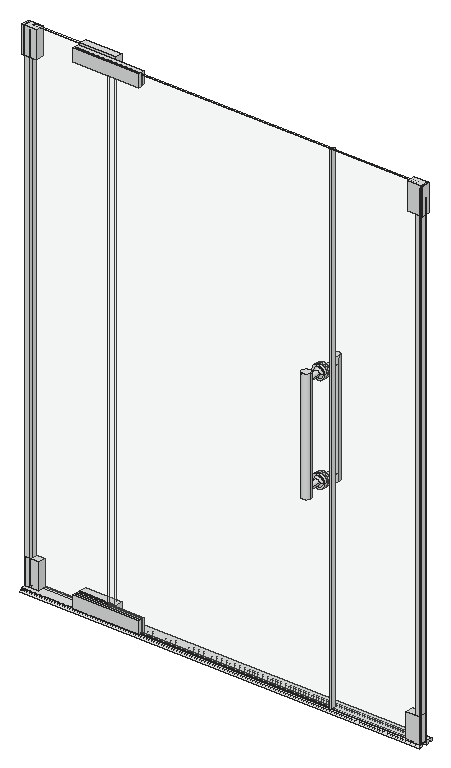
Revit family "Shower-Shower_Door-KOHLER-Purist-K-705705", category Generic Models, host Face, Revit 2015
Parameters (values of type "SHP-Bright Polished Silver")
  Width = 2 9/16"  # constant formula
  Waste Water Outlet = "Waste Water Outlet"  # constant formula
  URL = "https://www.us.kohler.com/us/"
  Type = 1
  Product Page URL = "http://www.us.kohler.com/us/catalog/productDetails.jsp?productNumber=705705-L"
  Product Name = "Purist"  # constant formula
  Product Documentation Link = "http://www.us.kohler.com/onlinecatalog/pdf/K-705705-L_spec.pdf"
  Panel Thickness = 0"
  Model = if(Type = 1, "K-705705-L-SHP", if(Type = 2, "K-705705-L-NX", if(Type = 3, "K-705705-L-ABV", "0")))  # "K-705705-L-SHP"
  Material = "Anodized aluminum prevents rusting or corrosion and Tempered glass ensures maximum safety and durability "  # constant formula
  MasterFormat 2004 = "22.41.23"  # constant formula
  MasterFormat 1995 = "15410"  # constant formula
  Manufacturer Address = "444 Highland Dr, Kohler, WI 53044"  # constant formula
  Manufacturer = "KOHLER Co."  # constant formula
  Length = 57 1/4"
  Hot Water Inlet = "Hot Water Inlet"  # constant formula
  Height = 72 1/4"  # constant formula
  Finish = Kohler-Metal-SHP-Bright_Polished_Silver
  Environmental Product Declaration = ""
  Description = "Pivot shower door, 72-1/4 inch H x 57-1/4 inch to 59 3/4 inch W, with 3/8 inch thick Crystal Clear glass"  # constant formula
  Default Elevation = 0"
  Declare Label = ""
  Date Modified = "01/30/2018"  # constant formula
  Date Created = "01/30/2018"  # constant formula
  Copyright = "Copyright KOHLER Co."  # constant formula
  Contact Us = "https://www.us.kohler.com/us/static/contact.jsp"
  Cold Water Inlet = "Cold Water Inlet"  # constant formula
  Assembly Code = "D2010700"
  ADA = no
Types (4): name | Type | Model | Finish
  (no name) | 1 | "K-705705-L-SHP" | Kohler-Metal-SHP-Bright_Polished_Silver
  SHP-Bright Polished Silver | 1 | "K-705705-L-SHP" | Kohler-Metal-SHP-Bright_Polished_Silver
  NX-Brushed Nickel | 2 | "K-705705-L-NX" | Kohler-Metal-NX-Brushed_Nickel
  ABV-Anodized Brushed Bronze | 3 | "K-705705-L-ABV" | Kohler-Metal-ABV-Anodized_Brushed_Bronze
Reference planes (in)
  plane 1 "Center (Front/Back)": y = 0
  plane 2: z = 0
  plane 3 "Center (Left/Right)": x = 0
  plane 4: y = -2.5625
  plane 5: z = 72.25
  plane 6: x = -28.625
  plane 7: x = 28.625
  plane 8: x = -15.8125
Dimensions and locks (in)
  "Height": plane 5 to level
  equal spacing: plane 6, plane 3 "Center (Left/Right)", plane 7
  plane 6 to plane 8 = 12 13/16"  (x2)
  "Length": plane 6 to plane 7
  "Width": plane 4 to plane 1 "Center (Front/Back)"
  aligned and locked: plane 2 to host face
  aligned and locked: level to host face
  aligned and locked: plane 7 to nested 1
  aligned and locked: plane 6 to nested 1
  aligned and locked: nested 1 to plane 8
Automatic sketch dimensions
  host sketch curve to host sketch curve = 96"  (x2)
Nested families (in)
  nested 1: "K-705705-L" at (0, 0, 0.58434), type "K-705705-L"
    with Width 57 1/4", Frame Height 71 3/4"
Definition of nested family "K-705705-L"
  Parameters (values of type "K-705705-L")
    Width [instance] = 56"
    Frame Height [instance] = 71 3/4"
    Finish = none
  Reference planes (in)
    plane 1 "Center (Front/Back)": y = 0
    plane 2: z = 0
    plane 3 "Center (Left/Right)": x = 0
    plane 4: z = 71.90637
    plane 5 "Right": x = 28
    plane 6 "Left": x = -28
    plane 7: x = -15.1875
    plane 8: x = -15.6054
    plane 9: x = 15.1875
    plane 10: x = -27.375
    plane 11: x = 27.375
    plane 12: x = 14.1875
    plane 13: x = 15.3125
    plane 14: x = 15.0625
  Forms (in)
    Extrusion 1, solid, material <- "Finish"
      sketch origin (0, -0.125, 0) x (1, 0, 0) y (0, 1, 0)
        loop
          line (-28, 0.03504) -> (-28, -1.07675) -> (-26.1, -1.07675) -> (-26.1, 0.03504) -> (-28, 0.03504)
      from -0.10677 to 3.52437
    Sweep 2, solid, material <- "Finish"
      path origin (0, 0, -0.58238) x (0, -1, 0) y (1, 0, 0)
        loop
          line (0, 28) -> (0, -28)
      profile origin (0, 0, -0.58238) x (0, -1, 0) y (0, 0, 1)
        loop
          arc (0, 0.09546) -> (0.0272, 0.06827) -> (0.0544, 0.09546) r 0.0272
          line (0.0544, 0.09546) -> (0.0544, 0.21046) -> (0.40441, 0.21046) -> (0.40441, 0.12546)
          arc (0.40441, 0.12546) -> (0.42708, 0.10279) -> (0.44976, 0.12546) r 0.02267
          line (0.44976, 0.12546) -> (0.44976, 0.25565) -> (0.0544, 0.25565) -> (0.0544, 0.4221) -> (0.63833, 0.4221) -> (0.63833, 0) -> (0.87661, 0) -> (0.87661, 0.42046) -> (1.64157, 0.42046)
          arc (1.64157, 0.42046) -> (1.65783, 0.41373) -> (1.66456, 0.39748) r 0.02299
          line (1.66456, 0.39748) -> (1.66456, 0.15113)
          arc (1.66456, 0.15113) -> (1.67501, 0.12591) -> (1.70023, 0.11546) r 0.03567
          line (1.70023, 0.11546) -> (1.83008, 0.11546)
          arc (1.83008, 0.11546) -> (1.84739, 0.12264) -> (1.85456, 0.13995) r 0.02449
          line (1.85456, 0.13995) -> (1.85456, 0.32183)
          arc (1.85456, 0.32183) -> (1.87016, 0.3437) -> (1.89592, 0.33607) r 0.02313
          line (1.89592, 0.33607) -> (2.09953, 0.07546) -> (2.1557, 0.07546) -> (1.85417, 0.47561) -> (0, 0.47561) -> (0, 0.09546)
    Extrusion 3, solid
      sketch origin (-19.45473, -0.68861, -0.062) x (0, 0, 1) y (0, 1, 0)
        loop
          line (71.83639, 0.062) -> (71.83639, 0.381) -> (-0.04477, 0.381) -> (-0.04477, 0.062) -> (71.83639, 0.062)
      from -3.84933 to 7.92027
    Extrusion 4, solid, material <- "Finish"
      sketch origin (0, -1.07896, 0) x (-1, 0, 0) y (0, -1, 0)
        loop
          line (-28, -0.03504) -> (-26.1, -0.03504) -> (-26.1, 1.07675) -> (-28, 1.07675) -> (-28, -0.03504)
      from -0.10677 to 3.52437
    Extrusion 5, solid
      sketch origin (-11.69343, -1.9145, -0.062) x (0, 0, 1) y (0, 1, 0)
        loop
          line (71.83639, 0.062) -> (71.83639, 0.381) -> (0.062, 0.381) -> (0.062, 0.062) -> (71.83639, 0.062)
      from -26.75593 to 3.91197
    Extrusion 6, solid
      sketch origin (19.45473, -1.9575, -0.062) x (0, 0, 1) y (0, -1, 0)
        loop
          line (71.83639, -0.062) -> (-0.04477, -0.062) -> (-0.04477, -0.381) -> (71.83639, -0.381) -> (71.83639, -0.062)
      from -4.14223 to 7.92027
  Lines and regions (in)
    Masking region 1
      outline origin (0, 0, 0) x (0, 1, 0) y (0, 0, 1)
        loop
          line (-2.56877, 71.90637) -> (-2.56877, 42.98795) -> (-3.66598, 42.98795) -> (-3.66598, 43.62346) -> (-4.87742, 43.62346) -> (-4.87742, 27.59121) -> (-3.66598, 27.59121) -> (-3.66598, 28.27122) -> (-2.56877, 28.27122) -> (-2.56877, -0.5857) -> (-0.0075, -0.5857) -> (-0.0075, 28.27122) -> (0.24471, 28.27122) -> (0.24471, 27.59121) -> (1.45615, 27.59121) -> (1.45615, 43.62346) -> (0.24471, 43.62346) -> (0.24471, 42.97701) -> (-0.0075, 42.97701) -> (-0.0075, 67.59076) -> (0.06818, 67.59076) -> (0.06818, 71.90637) -> (-2.56877, 71.90637)
        loop
          line (-3.66598, 28.99443) -> (-2.56877, 28.99443) -> (-2.56877, 42.25381) -> (-3.66598, 42.25381) -> (-3.66598, 28.99443)
    Masking region 2
      outline origin (0, 0, 0) x (1, 0, 0) y (0, 0, 1)
        loop
          line (-28, 71.66762) -> (-28, -0.58238) -> (28, -0.58238) -> (28, 71.66762) -> (-28, 71.66762)
    Masking region 3
      outline origin (0, 0, 0) x (1, 0, 0) y (0, 1, 0)
        loop
          line (-28, 0) -> (-28, -2.1557) -> (13.60328, -2.1557)
          arc (13.60328, -2.1557) -> (13.71103, -2.25272) -> (13.75099, -2.39209) r 0.26301
          line (13.75099, -2.39209) -> (13.75099, -3.78826)
          arc (13.75099, -3.78826) -> (13.57236, -4.00202) -> (13.5083, -4.27313) r 0.60572
          arc (13.5083, -4.27313) -> (14.11402, -4.87885) -> (14.71974, -4.27313) r 0.60572
          arc (14.71974, -4.27313) -> (14.6596, -4.01001) -> (14.49114, -3.79913) r 0.60572
          line (14.49114, -3.79913) -> (14.49114, -2.39209)
          arc (14.49114, -2.39209) -> (14.53663, -2.2478) -> (14.65666, -2.1557) r 0.25156
          line (14.65666, -2.1557) -> (28, -2.1557) -> (28, 0) -> (14.48534, 0) -> (14.48534, 0.37044)
          arc (14.48534, 0.37044) -> (14.65799, 0.58256) -> (14.71974, 0.84899) r 0.60572
          arc (14.71974, 0.84899) -> (14.11402, 1.45471) -> (13.5083, 0.84899) r 0.60572
          arc (13.5083, 0.84899) -> (13.57495, 0.57277) -> (13.76024, 0.35733) r 0.60572
          line (13.76024, 0.35733) -> (13.76024, 0) -> (-28, 0)
    symbolic lines, detail levels medium+fine
      curve 1: line (0, -1.0075, 67.59076) -> (0, -1.0075, 42.98247)
      curve 2: line (0, -1.45114, 0) -> (0, -1.45114, 71.90637)
      curve 3: line (0, -1.0075, 67.59076) -> (0, -1.04937, 67.59076)
      curve 4: line (0, -1.04937, 67.59076) -> (0, -1.04937, 71.90637)
      curve 5: line (0, -1.0075, 67.59076) -> (0, -0.6865, 67.59076)
      curve 6: line (0, -0.6865, 67.59076) -> (0, 0.06818, 67.59076)
      curve 7: line (0, -3.66598, 42.98795) -> (0, -3.66598, 42.25381)
      curve 8: line (0, -3.66598, 28.99443) -> (0, -3.66598, 28.22672)
      curve 9: line (0, -0.0075, 3.52437) -> (0, -1.45114, 3.52437)
      curve 10: line (0, -0.2665, 3.52437) -> (0, -0.2665, 28.27122)
      curve 11: line (0, -0.6865, 67.59076) -> (0, -0.6865, 42.97701)
      curve 21: line (0, -1.0075, 28.2657) -> (0, -1.0075, 3.52437)
      curve 22: line (0, -0.6865, 28.27122) -> (0, -0.6865, 3.52437)
      curve 23: line (0, -0.2665, 28.99443) -> (0, -0.2665, 42.25381)
      curve 32: line (0, -0.6865, 42.25381) -> (0, -0.6865, 28.99443)
      curve 33: line (0, -1.0075, 42.24829) -> (0, -1.0075, 28.99989)
      curve 34: line (0, -0.2665, 42.97701) -> (0, -0.2665, 67.59076)
      curve 35: line (0, -0.0075, 42.25381) -> (0, -0.0075, 28.99443)
      curve 52: line (0, -1.8525, 71.90637) -> (0, -1.8525, 0)
      curve 57: line (0, -2.56877, 0) -> (0, -0.0075, 0)
      curve 58: line (-26.335, 0, 67.93439) -> (-26.335, 0, 71.77439)
      curve 59: line (-26.335, 0, 67.93439) -> (-28, 0, 67.93439)
      curve 60: line (-27.375, 0, 67.93439) -> (-27.375, 0, 3.52437)
      curve 61: line (-28, 0, 3.52437) -> (-26.1, 0, 3.52437)
      curve 62: line (-26.1, 0, 3.52437) -> (-26.1, 0, -0.58238)
      curve 63: line (-20.3575, 0, -0.10677) -> (-20.3575, 0, 1.7966)
      curve 64: line (-20.3575, 0, 1.7966) -> (-10.93233, 0, 1.7966)
      curve 65: line (-10.93233, 0, 1.7966) -> (-10.93233, 0, -0.0234)
      curve 66: line (-28, 0, 0) -> (28, 0, 0)
      curve 67: line (-20.3575, 0, 71.66762) -> (-20.3575, 0, 70.19637)
      curve 68: line (-20.3575, 0, 70.19637) -> (-10.93233, 0, 70.19637)
      curve 69: line (-10.93233, 0, 70.19637) -> (-10.93233, 0, 71.66762)
      curve 70: line (-15.6054, 0, 70.19637) -> (-15.6054, 0, 1.7266)
      curve 71: line (15.1875, 0, 71.75) -> (15.1875, 0, 0)
      curve 72: line (13.5083, 0, 43.65724) -> (14.71974, 0, 43.65724)
      curve 73: line (13.5083, 0, 27.625) -> (13.5083, 0, 43.65724)
      curve 74: line (14.71974, 0, 27.625) -> (13.5083, 0, 27.625)
      curve 75: line (14.71974, 0, 43.65724) -> (14.71974, 0, 27.625)
      curve 76: arc (13.5083, 0, 29.40524) -> (13.16277, 0, 28.66661) -> (13.5083, 0, 27.92799) r 0.96223
      curve 77: arc (14.71974, 0, 29.40524) -> (15.06527, 0, 28.66661) -> (14.71974, 0, 27.92799) r 0.96223
      curve 78: arc (13.5083, 0, 41.87701) -> (13.16277, 0, 42.61563) -> (13.5083, 0, 43.35426) r 0.96223
      curve 79: arc (14.71974, 0, 41.87701) -> (15.06527, 0, 42.61563) -> (14.71974, 0, 43.35426) r 0.96223
      curve 80: line (-15.1875, -0.9825, 0) -> (-20.3575, -0.9825, 0)
      curve 81: line (-20.3575, -0.9825, 0) -> (-20.3575, 0.0175, 0)
      curve 82: line (-28, -1.20175, 0) -> (-26.1, -1.20175, 0)
      curve 83: line (-26.1, -1.20175, 0) -> (-26.1, -0.08996, 0)
      curve 84: line (-26.1, -0.08996, 0) -> (-28, -0.08996, 0)
      curve 85: line (-28, -0.16417, 0) -> (-27.375, -0.16417, 0)
      curve 86: line (-27.375, -0.16417, 0) -> (-27.375, -1.16417, 0)
      curve 87: line (-27.375, -1.16417, 0) -> (-28, -1.16417, 0)
      curve 88: line (-20.3575, -1.2325, 0) -> (-10.93233, -1.2325, 0)
      curve 89: line (-10.93233, -1.2325, 0) -> (-10.93233, -2.1557, 0)
      curve 90: line (-20.3575, -2.1557, 0) -> (-20.3575, -1.2325, 0)
      curve 91: line (-20.3575, -0.9825, 0) -> (-20.3575, -0.0544, 0)
      curve 92: line (-20.3575, -0.9825, 0) -> (-15.1875, -0.9825, 0)
      curve 93: line (-15.1875, -0.9825, 0) -> (-15.1875, 0, 0)
      curve 94: line (15.04679, -1.5335, 0) -> (-10.93233, -1.5335, 0)
      curve 95: line (-10.93233, -1.8525, 0) -> (15.04679, -1.8525, 0)
      curve 96: line (15.04679, -1.8525, 0) -> (15.04679, -1.5335, 0)
      curve 97: line (15.30664, -1.5765, 0) -> (27.375, -1.5765, 0)
      curve 98: line (15.30664, -1.8955, 0) -> (27.375, -1.8955, 0)
      curve 99: line (15.30664, -1.9976, 0) -> (15.30664, -1.41435, 0)
      curve 100: line (15.04679, -1.5335, 0) -> (15.04679, -1.41435, 0)
      curve 101: line (15.04679, -1.41435, 0) -> (15.30664, -1.41435, 0)
      curve 102: line (15.04679, -1.8525, 0) -> (15.04679, -1.9976, 0)
      curve 103: line (15.04679, -1.9976, 0) -> (15.30664, -1.9976, 0)
      curve 104: line (27.375, 0, 0) -> (27.375, -2.16, 0)
    symbolic lines
      curve 12: line (0, 0.24471, 28.27122) -> (0, 0.24471, 43.0385)
      curve 13: line (0, -1.45114, 29.59407) -> (0, -1.23208, 29.59407)
      curve 14: line (0, -1.23208, 29.59407) -> (0, -1.23208, 29.27401)
      curve 15: line (0, -1.45114, 27.66993) -> (0, -1.22924, 27.66993)
      curve 16: line (0, -1.22924, 27.66993) -> (0, -1.22924, 27.99448)
      curve 17: line (0, 0.24471, 28.99443) -> (0, -0.9525, 28.99443)
      curve 18: line (0, -0.0075, 28.27122) -> (0, -0.9525, 28.27122)
      curve 19: arc (0, -0.9525, 28.99443) -> (0, -1.15019, 29.07631) -> (0, -1.23208, 29.27401) r 0.27958
      curve 20: arc (0, -0.9525, 28.27122) -> (0, -1.14818, 28.19017) -> (0, -1.22924, 27.99448) r 0.27674
      curve 24: line (0, -1.45114, 43.57665) -> (0, -1.23208, 43.57665)
      curve 25: line (0, -1.23208, 43.57665) -> (0, -1.23208, 43.25659)
      curve 26: line (0, -1.45114, 41.65251) -> (0, -1.22924, 41.65251)
      curve 27: line (0, -1.22924, 41.65251) -> (0, -1.22924, 41.97707)
      curve 28: line (0, -0.0075, 42.97701) -> (0, -0.9525, 42.97701)
      curve 29: line (0, 0.24471, 42.25381) -> (0, -0.9525, 42.25381)
      curve 30: arc (0, -0.9525, 42.97701) -> (0, -1.15019, 43.0589) -> (0, -1.23208, 43.25659) r 0.27958
      curve 31: arc (0, -0.9525, 42.25381) -> (0, -1.14818, 42.17275) -> (0, -1.22924, 41.97707) r 0.27674
      curve 36: line (0, -1.8525, 29.59407) -> (0, -2.10921, 29.59407)
      curve 37: line (0, -2.10921, 29.59407) -> (0, -2.10921, 29.27401)
      curve 38: line (0, -1.8525, 27.66993) -> (0, -2.11205, 27.66993)
      curve 39: line (0, -2.11205, 27.66993) -> (0, -2.11205, 27.99448)
      curve 40: line (0, -2.56877, 28.99443) -> (0, -2.38879, 28.99443)
      curve 41: line (0, -2.56877, 28.27122) -> (0, -2.38879, 28.27122)
      curve 42: arc (0, -2.38879, 28.99443) -> (0, -2.1911, 29.07631) -> (0, -2.10921, 29.27401) r 0.27958
      curve 43: arc (0, -2.38879, 28.27122) -> (0, -2.19311, 28.19017) -> (0, -2.11205, 27.99448) r 0.27674
      curve 44: line (0, -1.8525, 43.5876) -> (0, -2.11058, 43.5876)
      curve 45: line (0, -2.11058, 43.5876) -> (0, -2.11058, 43.26753)
      curve 46: line (0, -1.8525, 41.65251) -> (0, -2.11205, 41.65251)
      curve 47: line (0, -2.11205, 41.65251) -> (0, -2.11205, 41.97707)
      curve 48: line (0, -2.56877, 42.98795) -> (0, -2.39016, 42.98795)
      curve 49: line (0, -2.56877, 42.25381) -> (0, -2.38879, 42.25381)
      curve 50: arc (0, -2.39016, 42.98795) -> (0, -2.19247, 43.06984) -> (0, -2.11058, 43.26753) r 0.27958
      curve 51: arc (0, -2.38879, 42.25381) -> (0, -2.19311, 42.17275) -> (0, -2.11205, 41.97707) r 0.27674
      curve 53: line (0, -1.8525, 43.5876) -> (0, -1.8525, 41.65251)
      curve 54: line (0, -1.45114, 41.65251) -> (0, -1.45114, 43.57665)
      curve 55: line (0, -1.8525, 29.59407) -> (0, -1.8525, 27.66993)
      curve 56: line (0, -1.45114, 27.66993) -> (0, -1.45114, 29.59407)
  Dimensions and locks (in)
    locked: Extrusion 1 sketch curve to Extrusion 1 sketch curve at 1.9
    locked: Extrusion 1 sketch curve to Extrusion 1 sketch curve at 1.11179
    locked: Extrusion 4 sketch curve to Extrusion 4 sketch curve at 1.9
    locked: Extrusion 4 sketch curve to Extrusion 4 sketch curve at 1.11179
    locked: plane 6 "Left" to plane 7 at 12.8125
    locked: plane 8 to plane 7 at 0.4179
    locked: plane 9 to plane 5 "Right" at 12.8125
    locked: plane 6 "Left" to plane 10 at 0.625
    locked: plane 11 to plane 5 "Right" at 0.625
    locked: Extrusion 5 to plane 9 at 0.125
    equal spacing: plane 6 "Left", plane 3 "Center (Left/Right)", plane 5 "Right"
    "Width": plane 6 "Left" to plane 5 "Right"
    Masking region 3 sketch curve to plane 12 to Masking region 3 sketch curve = 0.42726", 0.29784"
    Masking region 3 sketch curve to plane 12 to Masking region 3 sketch curve = 0.43651" locked, 0.30364" locked
    plane 14 to plane 9 to plane 13 = 1/8" locked, 1/8" locked
    aligned and locked: plane 2 to level
    aligned and locked: Extrusion 1 to Sweep 2
    aligned and locked: nested 2 to Extrusion 3
    aligned and locked: plane 6 "Left" to Extrusion 1
    aligned and locked: plane 6 "Left" to nested 2
    aligned and locked: plane 6 "Left" to Sweep 2 sketch curve
    aligned and locked: plane 5 "Right" to Sweep 2 sketch curve
    aligned and locked: plane 7 to nested 1
    aligned and locked: plane 7 to nested 4
    aligned and locked: Extrusion 5 to Extrusion 3
    aligned and locked: plane 8 to Extrusion 5
    aligned and locked: nested 5 to plane 9
    aligned and locked: plane 10 to Extrusion 3
    aligned and locked: plane 5 "Right" to nested 3
    aligned and locked: Extrusion 4 to plane 5 "Right"  (x2)
    aligned and locked: plane 11 to nested 3
    aligned and locked: curve 66 to plane 2
    aligned and locked: plane 8 to curve 70
    aligned and locked: plane 9 to curve 71
    aligned and locked: Masking region 3 sketch curve to Sweep 2  (x4)
    aligned and locked: Masking region 3 sketch curve to nested 6  (x4)
    aligned and locked: plane 11 to curve 104
    aligned and locked: plane 11 to curve 98
    aligned and locked: Extrusion 3 to Extrusion 5
    aligned and locked: plane 13 to Extrusion 6
    aligned and locked: Extrusion 6 to plane 11
    aligned and locked: Extrusion 5 to plane 14
  Automatic sketch dimensions
    plane 1 "Center (Front/Back)" to Sweep 2 sketch curve = 0"
    curve 57 to level = 0"
    curve 52 to plane 4 = 0"
    curve 2 to plane 4 = 0"
    curve 4 to plane 4 = 0"
    plane 1 "Center (Front/Back)" to curve 48 = 2.39016"
    plane 1 "Center (Front/Back)" to curve 40 = 2.38879"
    curve 48 to curve 51 = 0.00137"
    curve 41 to curve 40 = 0"
    curve 43 to curve 38 = 0.27674"
    curve 51 to curve 46 = 0.27674"
    curve 50 to curve 45 = 0.27958"
    curve 42 to curve 36 = 0.27958"
    curve 50 to curve 25 = 0.8785"
    curve 36 to curve 13 = 0.87713"
    curve 46 to curve 27 = 113/128"
    curve 38 to curve 15 = 113/128"
    plane 1 "Center (Front/Back)" to curve 4 = 1.04937"
    curve 3 to curve 5 = 0.04187"
    curve 14 to curve 17 = 0.27958"
    curve 20 to curve 18 = 0.27674"
    curve 27 to curve 31 = 0.27674"
    curve 30 to curve 30 = 0.27958"
    curve 1 to curve 11 = 0.321"
    level to curve 39 = 27.66993"
    curve 38 to curve 16 = 0"
    curve 38 to curve 39 = 0.32455"
    curve 15 to curve 20 = 0.32455"
    curve 18 to curve 17 = 0.7232"
    curve 43 to curve 40 = 0.7232"
    curve 14 to curve 14 = 0.32006"
    curve 42 to curve 36 = 0.32006"
    curve 36 to curve 46 = 12.05844"
    curve 53 to curve 26 = 0"
    curve 46 to curve 47 = 0.32455"
    curve 26 to curve 31 = 0.32455"
    curve 31 to curve 28 = 0.7232"
    curve 51 to curve 48 = 0.73415"
    curve 30 to curve 25 = 0.32006"
    curve 45 to curve 44 = 0.32006"
    curve 11 to plane 4 = 4.31561"
    curve 41 to curve 41 = 0.17998"
    plane 1 "Center (Front/Back)" to curve 57 = 2.56877"
    curve 40 to curve 40 = 0.17998"
    curve 49 to curve 49 = 0.17998"
    curve 48 to curve 48 = 0.17861"
    curve 8 to curve 41 = 1.09721"
    curve 7 to curve 49 = 1.09721"
    curve 44 to curve 53 = 0.25808"
    curve 38 to curve 38 = 0.25955"
    curve 55 to curve 38 = 0"
    curve 56 to curve 15 = 0.2219"
    curve 24 to curve 24 = 0.21906"
    curve 54 to curve 24 = 0"
    curve 33 to curve 29 = 0.055"
    curve 21 to curve 18 = 0.055"
    curve 20 to curve 22 = 0.266"
    curve 19 to curve 32 = 0.266"
    plane 1 "Center (Front/Back)" to curve 10 = 0.2665"
    plane 1 "Center (Front/Back)" to curve 34 = 0.2665"
    plane 1 "Center (Front/Back)" to curve 23 = 0.2665"
    plane 1 "Center (Front/Back)" to curve 18 = 0.0075"
    plane 1 "Center (Front/Back)" to curve 28 = 0.0075"
    plane 1 "Center (Front/Back)" to curve 35 = 0.0075"
    plane 1 "Center (Front/Back)" to curve 9 = 0.0075"
    plane 1 "Center (Front/Back)" to curve 57 = 0.0075"
    curve 6 to plane 1 "Center (Front/Back)" = 0.06818"
    curve 17 to plane 1 "Center (Front/Back)" = 0.24471"
    level to curve 10 = 3.52437"
    curve 8 to curve 41 = 0.0445"
    curve 18 to curve 12 = 0"
    curve 8 to curve 8 = 0.76771"
    curve 7 to curve 49 = 0"
    curve 7 to curve 7 = 0.73415"
    curve 28 to curve 12 = 0.06149"
    plane 6 "Left" to curve 61 = 0"
    plane 6 "Left" to curve 59 = 0"
    plane 6 "Left" to curve 66 = 0"
    plane 10 to curve 60 = 0"
    plane 5 "Right" to curve 66 = 0"
    curve 58 to plane 10 = 1.04"
    curve 62 to plane 10 = 1.275"
    level to curve 64 = 1.7966"
    plane 8 to curve 64 = 4.7521"
    curve 67 to plane 4 = 1.71"
    curve 67 to curve 70 = 4.7521"
    plane 7 to curve 68 = 4.25517"
    plane 7 to curve 65 = 4.25517"
    plane 12 to curve 74 = 0.6792"
    plane 12 to curve 77 = 0.08446"
    plane 12 to curve 79 = 0.08446"
    curve 77 to curve 76 = 0.02196"
    curve 79 to curve 78 = 0.02196"
    curve 75 to plane 12 = 0.53224"
    level to curve 61 = 3.52437"
    level to curve 75 = 27 5/8"
    curve 74 to curve 76 = 1.04161"
    curve 77 to curve 76 = 0"
    curve 77 to curve 79 = 13.94902"
    curve 78 to curve 79 = 0"
    curve 79 to curve 73 = 1.04161"
    curve 59 to plane 4 = 3.97198"
    curve 65 to level = 0.0234"
    curve 63 to level = 0.10677"
    curve 62 to level = 0.58238"
    level to curve 70 = 1.7266"
    curve 74 to curve 77 = 0.30299"
    curve 73 to curve 76 = 0.30299"
    curve 79 to curve 78 = 0.73863"
    curve 78 to curve 79 = 0.73863"
    curve 67 to plane 4 = 0.23875"
    curve 69 to plane 4 = 0.23875"
    curve 71 to plane 4 = 0.15637"
    curve 58 to plane 4 = 0.13198"
    Masking region 1 sketch curve to plane 4 = 0"
    plane 1 "Center (Front/Back)" to Masking region 1 sketch curve = 4.87742"
    Masking region 1 sketch curve to Masking region 1 sketch curve = 1.21144"  (x3)
    Masking region 1 sketch curve to Masking region 1 sketch curve = 0"  (x3)
    Masking region 1 sketch curve to Masking region 1 sketch curve = 1.09721"  (x2)
    plane 1 "Center (Front/Back)" to Masking region 1 sketch curve = 0.0075"  (x2)
    Masking region 1 sketch curve to plane 1 "Center (Front/Back)" = 0.06818"
    Masking region 1 sketch curve to plane 1 "Center (Front/Back)" = 0.24471"  (x2)
    Masking region 1 sketch curve to plane 4 = 4.31561"
    Masking region 1 sketch curve to Masking region 1 sketch curve = 23.9673"
    Masking region 1 sketch curve to Masking region 1 sketch curve = 0.63551"
    Masking region 1 sketch curve to Masking region 1 sketch curve = 0.64645"
    Masking region 1 sketch curve to Masking region 1 sketch curve = 0.73415"
    Masking region 1 sketch curve to Masking region 1 sketch curve = 13.25938"
    Masking region 1 sketch curve to Masking region 1 sketch curve = 0.7232"  (x2)
    Masking region 1 sketch curve to Masking region 1 sketch curve = 0.68001"  (x2)
    Masking region 1 sketch curve to level = 0.5857"
    Extrusion 1 sketch curve to plane 6 "Left" = 0"
    plane 1 "Center (Front/Back)" to Extrusion 1 sketch curve = 1.20175"
    Sweep 2 sketch curve to profile plane = 0"  (x2)
    Sweep 2 sketch curve to Sweep 2 sketch curve = 0.0272"
    Sweep 2 sketch curve to profile plane = 0.0544"
    Sweep 2 sketch curve to Sweep 2 sketch curve = 0.35001"
    Sweep 2 sketch curve to Sweep 2 sketch curve = 0.02267"
    Sweep 2 sketch curve to Sweep 2 sketch curve = 0.18857"
    Sweep 2 sketch curve to Sweep 2 sketch curve = 61/256"
    Sweep 2 sketch curve to Sweep 2 sketch curve = 0.76496"
    Sweep 2 sketch curve to Sweep 2 sketch curve = 0.02299"
    Sweep 2 sketch curve to Sweep 2 sketch curve = 0.03567"
    Sweep 2 sketch curve to Sweep 2 sketch curve = 0.12985"
    Sweep 2 sketch curve to Sweep 2 sketch curve = 0.18961"
    Sweep 2 sketch curve to Sweep 2 sketch curve = 0.02449"
    Sweep 2 sketch curve to Sweep 2 sketch curve = 0.02313"
    profile plane to Sweep 2 sketch curve = 0.33607"
    Sweep 2 sketch curve to Sweep 2 sketch curve = 0.01823"
    profile plane to Sweep 2 sketch curve = 0.07546"
    Sweep 2 sketch curve to Sweep 2 sketch curve = 0.24497"
    Sweep 2 sketch curve to Sweep 2 sketch curve = 0.05617"
    profile plane to Sweep 2 sketch curve = 0.09546"
    profile plane to Sweep 2 sketch curve = 0.11546"
    profile plane to Sweep 2 sketch curve = 0.12546"
    Sweep 2 sketch curve to Sweep 2 sketch curve = 0.085"
    Sweep 2 sketch curve to Sweep 2 sketch curve = 0.04518"
    Sweep 2 sketch curve to Sweep 2 sketch curve = 0.07565"
    Sweep 2 sketch curve to Sweep 2 sketch curve = 0.00163"
    Sweep 2 sketch curve to Sweep 2 sketch curve = 0.05351"
    Extrusion 3 sketch curve to level = 0.10677"
    Extrusion 3 sketch curve to plane 4 = 0.13198"
    plane 1 "Center (Front/Back)" to Extrusion 3 sketch curve = 0.62661"
    plane 1 "Center (Front/Back)" to Extrusion 3 sketch curve = 0.30761"
    Extrusion 4 sketch curve to plane 5 "Right" = 0"
    Extrusion 4 sketch curve to plane 1 "Center (Front/Back)" = 2.1557"
    Extrusion 5 sketch curve to level = 0"
    Extrusion 5 sketch curve to plane 4 = 0.13198"
    plane 1 "Center (Front/Back)" to Extrusion 5 sketch curve = 1.8525"
    Extrusion 5 sketch curve to Extrusion 5 sketch curve = 0.319"
    plane 6 "Left" to Masking region 2 sketch curve = 0"
    plane 5 "Right" to Masking region 2 sketch curve = 0"
    Masking region 2 sketch curve to level = 0.58238"
    Masking region 2 sketch curve to plane 4 = 0.23875"
    Masking region 3 sketch curve to Masking region 3 sketch curve = 0"  (x3)
    plane 12 to Masking region 3 sketch curve = 0.69951"
    Masking region 3 sketch curve to Masking region 3 sketch curve = 0.11529"
    Masking region 3 sketch curve to Masking region 3 sketch curve = 0.16552"
    Masking region 3 sketch curve to Masking region 3 sketch curve = 0.08604"
    plane 1 "Center (Front/Back)" to Masking region 3 sketch curve = 0"
    curve 84 to plane 6 "Left" = 0"
    curve 85 to plane 6 "Left" = 0"
    curve 82 to plane 6 "Left" = 0"
    curve 87 to plane 6 "Left" = 0"
    curve 85 to plane 10 = 0"
    curve 93 to plane 7 = 0"
    plane 1 "Center (Front/Back)" to curve 104 = 0"
    plane 1 "Center (Front/Back)" to curve 93 = 0"
    curve 83 to plane 10 = 1.275"
    plane 1 "Center (Front/Back)" to curve 81 = 0.9825"
    plane 8 to curve 81 = 4.7521"
    curve 88 to curve 80 = 0"
    plane 1 "Center (Front/Back)" to curve 89 = 1.2325"
    plane 7 to curve 89 = 4.25517"
    plane 9 to curve 94 = 0.14071"
    curve 101 to plane 9 = 0.11914"
    plane 1 "Center (Front/Back)" to curve 100 = 1.41435"
    curve 100 to curve 100 = 0.11915"
    curve 102 to curve 94 = 0.319"
    curve 103 to curve 95 = 0.1451"
    plane 1 "Center (Front/Back)" to curve 83 = 1.20175"
    curve 82 to curve 87 = 0.03757"
    plane 1 "Center (Front/Back)" to curve 86 = 0.16417"
    plane 1 "Center (Front/Back)" to curve 83 = 0.08996"
    curve 97 to curve 104 = 1.5765"
    curve 99 to curve 98 = 0.1021"
    curve 89 to curve 95 = 0.3032"
    curve 90 to curve 88 = 0.9232"
    curve 104 to curve 98 = 0.2645"
    plane 1 "Center (Front/Back)" to curve 91 = 0.0544"
    curve 81 to plane 1 "Center (Front/Back)" = 0.0175"
    Extrusion 6 sketch curve to level = 0.10677"
    Extrusion 6 sketch curve to plane 4 = 0.13198"
    plane 1 "Center (Front/Back)" to Extrusion 6 sketch curve = 1.5765"
    Extrusion 6 sketch curve to Extrusion 6 sketch curve = 0.319"
  Nested families (in)
    nested 1: "Top" at (-15.1875, 0.025, 70.26637), type "Top"
    nested 2: "Left-1" at (-27.375, -0.62661, 0), type "Left-1"
    nested 3: "Left-1" at (27.375, -1.58057, 0) x (-1, 0, 0) z (0, 0, 1), type "Left-1"
    nested 4: "Bottom hinge" at (-15.1875, 0.025, -0.10677), type "Bottom hinge"
    nested 5: "Vertical Frame" at (15.1875, -1.693, 0), type "Vertical Frame"
    nested 6: "Handle" at (14.1875, -1.5002, 27.625), type "Handle"
  Definition of nested family "Top"
    Parameters (values of type "Top")
      Finish = none
    Reference planes (in)
      plane 1 "Center (Front/Back)": y = 0
      plane 2: z = 0
      plane 3 "Center (Left/Right)": x = 0
    Forms (in)
      Extrusion 1, solid, material <- "Finish"
        sketch origin (-5.17, -2.2845, -0.07) x (0, 0, 1) y (0, 1, 0)
          loop
            line (0, 0.36) -> (0, 0) -> (1.815, 0) -> (1.815, 0.36) -> (0, 0.36)
          loop
            line (0.07, 0.751) -> (1.71, 0.751) -> (1.71, 0.407) -> (1.82, 0.407) -> (1.82, 1.027) -> (0.07, 1.027) -> (0.07, 0.751)
        from -9.42517 to 0
      Extrusion 2, solid, material <- "Finish"
        sketch origin (0, -0.0075, 1.83337) x (0, 0, 1) y (0, -1, 0)
          loop
            line (0, 0) -> (0, 1) -> (-1.83337, 1) -> (-1.83337, 0) -> (0, 0)
        from -5.17 to 0
      Extrusion 3, solid, material <- "Finish"
        sketch origin (-0.018, -1.2575, 0.59198) x (0, 1, 0) y (0, 0, 1)
          loop
            line (0, -0.59198) -> (0.25, -0.59198) -> (0.25, 0) -> (0, 0) -> (0, -0.59198)
        from -0.83642 to 0.018
    Dimensions and locks (in)
      aligned and locked: plane 2 to level
  Definition of nested family "Left-1"
    Parameters (values of type "Left-1")
      Finish = none
    Reference planes (in)
      plane 1 "Center (Front/Back)": y = 0
      plane 2: z = 0
      plane 3 "Center (Left/Right)": x = 0
    Forms (in)
      Extrusion 1, solid, material <- "Finish"
        sketch origin (19.09443, 0.46994, 0) x (1, 0, 0) y (0, 1, 0)
          loop
            line (-19.09443, -0.0075) -> (-19.82843, -0.0075)
            arc (-19.82843, -0.0075) -> (-19.85593, -0.035) -> (-19.82843, -0.0625) r 0.0275
            line (-19.82843, -0.0625) -> (-19.71943, -0.0625) -> (-19.71943, -0.9525) -> (-19.82843, -0.9525)
            arc (-19.82843, -0.9525) -> (-19.85593, -0.98) -> (-19.82843, -1.0075) r 0.0275
            line (-19.82843, -1.0075) -> (-19.09443, -1.0075) -> (-19.09443, -0.46994) -> (-19.09443, -0.0075)
        from 0 to 71.50637
      Extrusion 2, solid, material <- "Finish"
        sketch origin (19.09443, 0.46994, 68.25002) x (1, 0, 0) y (0, 1, 0)
          loop
            line (-19.95443, 0.06818) -> (-19.95443, -1.04937) -> (-18.05443, -1.04937) -> (-18.05443, 0.06818) -> (-19.95443, 0.06818)
        from -0.31563 to 3.52437
      Extrusion 3, solid, material <- "Finish"
        sketch origin (19.09443, 0.46994, 68.25002) x (1, 0, 0) y (0, 1, 0)
          loop
            line (-20.20482, 0.06818) -> (-20.20482, -1.04937) -> (-19.95443, -1.04937) -> (-19.95443, 0.06818) -> (-20.20482, 0.06818)
        from -0.31563 to 3.52437
    Dimensions and locks (in)
      aligned and locked: plane 2 to level
  Definition of nested family "Bottom hinge"
    Parameters (values of type "Bottom hinge")
      Finish = none
    Reference planes (in)
      plane 1 "Center (Front/Back)": y = 0
      plane 2: z = 0
      plane 3 "Center (Left/Right)": x = 0
    Forms (in)
      Extrusion 1, solid, material <- "Finish"
        sketch origin (-5.17, -2.2845, 1.90337) x (0, 0, -1) y (0, -1, 0)
          loop
            line (0, -0.36) -> (1.815, -0.36) -> (1.815, 0) -> (0, 0) -> (0, -0.36)
          loop
            line (0.07, -0.751) -> (0.07, -1.027) -> (1.82, -1.027) -> (1.82, -0.407) -> (1.71, -0.407) -> (1.71, -0.751) -> (0.07, -0.751)
        from -9.42517 to 0
      Extrusion 2, solid, material <- "Finish"
        sketch origin (0, -0.0075, 0) x (0, 0, -1) y (0, 1, 0)
          loop
            line (0, 0) -> (-1.83337, 0) -> (-1.83337, -1) -> (0, -1) -> (0, 0)
        from -5.17 to 0
      Extrusion 3, solid, material <- "Finish"
        sketch origin (-0.018, -1.2575, 1.24139) x (0, 1, 0) y (0, 0, 1)
          loop
            line (0, 0.59198) -> (0, 0) -> (0.25, 0) -> (0.25, 0.59198) -> (0, 0.59198)
        from -0.83642 to 0.018
    Dimensions and locks (in)
      aligned and locked: plane 2 to level
  Definition of nested family "Vertical Frame"
    Parameters (values of type "Vertical Frame")
      Material = none
      Frame Height = 71 3/4"
    Reference planes (in)
      plane 1 "Center (Front/Back)": y = 0
      plane 2: z = 0
      plane 3 "Center (Left/Right)": x = 0
      plane 4: z = 71.75
    Forms (in)
      Extrusion 1, solid, material <- "Material"
        sketch origin (-6.47246, 1.73328, 0) x (1, 0, 0) y (0, 1, 0)
          loop
            line (6.59746, -2.03016) -> (6.59746, -1.43641) -> (6.34746, -1.43641) -> (6.34746, -2.03016) -> (6.59746, -2.03016)
        from 0 to 71.75
    Dimensions and locks (in)
      "Frame Height": plane 4 to level
      aligned and locked: plane 2 to level
      aligned and locked: plane 4 to Extrusion 1
      aligned and locked: Extrusion 1 to plane 2
    Automatic sketch dimensions
      Extrusion 1 sketch curve to plane 3 "Center (Left/Right)" = 1/8"
      Extrusion 1 sketch curve to plane 1 "Center (Front/Back)" = 19/64"
      plane 1 "Center (Front/Back)" to Extrusion 1 sketch curve = 19/64"
      plane 3 "Center (Left/Right)" to Extrusion 1 sketch curve = 1/8"
  Definition of nested family "Handle"
    Parameters (values of type "Handle")
      Finish = none
    Reference planes (in)
      plane 1 "Center (Front/Back)": y = 0
      plane 2: z = 0
      plane 3 "Center (Left/Right)": x = 0
    Forms (in)
      Extrusion 1, solid, material <- "Finish"
        sketch origin (-14.86834, 1.49877, -27.59121) x (1, 0, 0) y (0, 1, 0)
          loop
            circle (14.79486, -4.2717) r 0.60572
        from 27.59121 to 43.62346
      Revolve 2, solid, material <- "Finish"
        sketch origin (-14.89959, 1.56908, 1.04161) x (1, 0, 0) y (0, 1, 0)
          loop
            line (15.79932, -1.9225) -> (14.83709, -1.9225) -> (14.83709, -4.31894) -> (15.19869, -4.31894) -> (15.19869, -2.47999)
            arc (15.19869, -2.47999) -> (15.28289, -2.2767) -> (15.48618, -2.1925) r 0.28749
            line (15.48618, -2.1925) -> (15.79932, -2.1925) -> (15.79932, -1.9225)
          axis (14.83709, -4.31894) -> (14.83709, -1.9225)
        angle from 0 to 360
      Revolve 3, solid, material <- "Finish"
        sketch origin (-14.89959, 1.56908, 15.02599) x (1, 0, 0) y (0, 1, 0)
          loop
            line (15.79932, -1.9225) -> (14.83709, -1.9225) -> (14.83709, -4.31894) -> (15.19869, -4.31894) -> (15.19869, -2.47999)
            arc (15.19869, -2.47999) -> (15.28289, -2.2767) -> (15.48618, -2.1925) r 0.28749
            line (15.48618, -2.1925) -> (15.79932, -2.1925) -> (15.79932, -1.9225)
          axis (14.83709, -4.31894) -> (14.83709, -1.9225)
        angle from 0 to 360
      Extrusion 4, solid, material <- "Finish"
        sketch origin (-14.86834, -1.9225, -27.59121) x (1, 0, 0) y (0, 1, 0)
          loop
            circle (14.79486, 4.2717) r 0.60572
        from 27.59121 to 43.62346
      Revolve 5, solid, material <- "Finish"
        sketch origin (-14.89959, -1.9225, 1.04161) x (1, 0, 0) y (0, 1, 0)
          loop
            line (15.79932, 1.9225) -> (15.79932, 2.1925) -> (15.48618, 2.1925)
            arc (15.48618, 2.1925) -> (15.28289, 2.2767) -> (15.19869, 2.47999) r 0.28749
            line (15.19869, 2.47999) -> (15.19869, 4.31894) -> (14.83709, 4.31894) -> (14.83709, 1.9225) -> (15.79932, 1.9225)
          axis (14.83709, 4.31894) -> (14.83709, 1.9225)
        angle from 0 to 360
      Revolve 6, solid, material <- "Finish"
        sketch origin (-14.89959, -1.9225, 15.02599) x (1, 0, 0) y (0, 1, 0)
          loop
            line (15.79932, 1.8892) -> (15.79932, 2.1925) -> (15.48618, 2.1925)
            arc (15.48618, 2.1925) -> (15.28289, 2.2767) -> (15.19869, 2.47999) r 0.28749
            line (15.19869, 2.47999) -> (15.19869, 4.31894) -> (14.83709, 4.31894) -> (14.83709, 1.8892) -> (15.79932, 1.8892)
          axis (14.83709, 4.31894) -> (14.83709, 1.8892)
        angle from 0 to 360
    Dimensions and locks (in)
      aligned and locked: plane 2 to level
